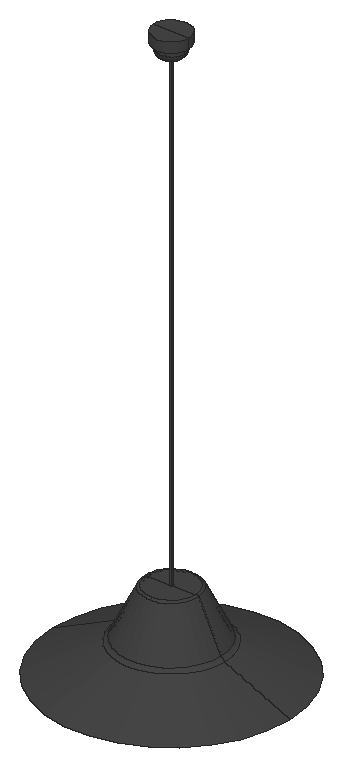
Revit family "OSAC-24,36 MB", category Lighting Fixtures, Revit 2020
Family settings
  Round Connector Dimension = Use Diameter
  Part Type = Normal
  OmniClass Number = 23.80.70.00
  OmniClass Title = Lighting
  Work Plane-Based = No
  Always vertical = Yes
  Cut with Voids When Loaded = No
  Light Source = Yes
  Shared = No
  Room Calculation Point = No
Parameters (values of type "OSAC36")
  Weight = "12.0 lbs"
  Wattage Comments = "200W Max"
  Wattage = 2.4 W
  Warranty = "5 year limited warranty"  # constant formula
  built-in parameter 1150110 = 1 (stored number, unit not read)
  Voltage = 277 V
  URL = "https://www.anplighting.com/assets/Uploads/product-attachments/specification-sheets/ANP-Specification-Sheet-RLM-MB-OSAC36.pdf"
  built-in parameter 1114217 = 1 (stored number, unit not read)
  Tilt Angle = 90.00°
  built-in parameter 1150109 = 1 (stored number, unit not read)
  built-in parameter 1150134 = 12
  built-in parameter 1150113 = 1 (stored number, unit not read)
  OSAC36 = yes
  OSAC24 = no
  Mounting Option [instance] = 1
  Power Factor = 1
  Post Mount [instance] = Mounting Option = 5  # no
  Placement X axis side [instance] = if(Post Mount, 2' 2 15/32", if(Cord or Stem Mount, 0' 0", if(E36 20 inch, 1' 8 1/4", if(E 6 26 inch, 2' 2", if(E7 41 inch, 3' 5 1/4", 0' 1")))))  # 0' - 0"
  Photometric Web File = "generic.ies"
  Model = "OSAC36"
  Manufacturer = "ANP Lighting"  # constant formula
  built-in parameter 1150105 = 238.73 (stored number, unit not read)
  Lumens = 3000 lm
  built-in parameter 1150115 = 1 (stored number, unit not read)
  Load Classification = Lighting
  Light Source Height [instance] = 0' - 7 39/64"
  built-in parameter 1150137 = (empty or 0)
  built-in parameter 1150139 = (empty or 0)
  Light Elevation _2 [instance] = if(Post Mount, 0' 0.66142", if(E7 41 inch, 0' 0.66142", if(E36 20 inch, 0' 1.65748", if(E 6 26 inch, 0' 1.53543", if(Cord or Stem Mount, (0' 4.3622" + Cord Length), 0' 0")))))  # 6' - 4.3622"
  Light Elevation _1 [instance] = if(Post Mount, 0' 0", if(E7 41 inch, 0' 0", if(E36 20 inch, 0' 1", if(E 6 26 inch, 0' 0.87402", if(Cord or Stem Mount, (0' 3.66142" + Cord Length), 0' 0")))))  # 6' - 3.66142"
  Light Elevation [instance] = if(Post Mount, 14' 0.5315", if(E7 41 inch, 0' 0", 0' 0"))  # 0' - 0"
  Life = "L70 50,000 hours"  # constant formula
  built-in parameter 1150112 = 1 (stored number, unit not read)
  built-in parameter 1150114 = 1 (stored number, unit not read)
  Lamp = "MB"
  built-in parameter 1150132 = 2
  built-in parameter 1150102 = (empty or 0)
  built-in parameter 1150107 = 4000 (stored number, unit not read)
  built-in parameter 1150138 = (empty or 0)
  built-in parameter 1150106 = 2.3873 (stored number, unit not read)
  INSIDE BODY = INSIDE BODY
  Fixture Height = 1' - 0"
  Fixture Diameter = 3' - 0"
  Efficiency = "65-125 lumens per watt"  # constant formula
  built-in parameter 1150104 = 116.13 (stored number, unit not read)
  E7 41 inch [instance] = Mounting Option = 4  # no
  E36 20 inch [instance] = Mounting Option = 3  # no
  E 6 26 inch [instance] = Mounting Option = 2  # no
  Dimming Lamp Color Temperature Shift = <None>
  Dimming = "1%"  # constant formula
  Description = "120-277 Voltage"  # constant formula
  Default Elevation = 0' - 0"
  Cord or Stem Mount [instance] = Mounting Option = 1  # yes
  Cord Length option [instance] = 0
  Cord Length [instance] = if([2' Cord], 2' 0", if([4' Cord], 4' 0", if([8' Cord], 8' 0", if([10' Cord], 10' 0", if([6' Cord], 6' 0", 6' 0")))))  # 6' - 0"
  Construction Material = "Heavy Duty spun aluminum."  # constant formula
  Color Filter = 16777215
  CRI = ">90"  # constant formula
  Bulb = Bulb
  Body Material = body
  Body Colour = "Spun aluminium"  # constant formula
  built-in parameter 1114218 = 1 (stored number, unit not read)
  built-in parameter 1150133 = 10 (stored number, unit not read)
  Apparent Load = 200 VA
  8' Cord [instance] = Cord Length option = 8  # no
  6' Cord [instance] = Cord Length option = 6  # no
  4' Cord [instance] = Cord Length option = 4  # no
  2' Cord [instance] = Cord Length option = 2  # no
  10' Cord [instance] = Cord Length option = 10  # no
Types (3): name | Weight | Wattage | URL | OSAC36 | OSAC24 | Model | built-in parameter 1150105 | Lumens | Light Source Height | built-in parameter 1150106 | Fixture Height | Fixture Diameter
  (no name) | "12.0 lbs" | 2.4 W | "https://www.anplighting.com/assets/Uploads/product-attachments/specification-sheets/ANP-Specification-Sheet-RLM-MB-OSAC36.pdf" | yes | no | "OSAC36" | 238.73 (stored number, unit not read) | 3000 lm | 0' - 7 39/64" | 2.3873 (stored number, unit not read) | 1' - 0" | 3' - 0"
  OSAC24 | "6.5 lbs" | 1.6 W | "https://www.anplighting.com/assets/Uploads/product-attachments/specification-sheets/ANP-Specification-Sheet-RLM-MB-OSAC24.pdf" | no | yes | "OSAC24" | 2000 (stored number, unit not read) | 2000 lm | 0' - 5 45/64" | 20 (stored number, unit not read) | 0' - 8" | 2' - 0"
  OSAC36 | "12.0 lbs" | 2.4 W | "https://www.anplighting.com/assets/Uploads/product-attachments/specification-sheets/ANP-Specification-Sheet-RLM-MB-OSAC36.pdf" | yes | no | "OSAC36" | 238.73 (stored number, unit not read) | 3000 lm | 0' - 7 39/64" | 2.3873 (stored number, unit not read) | 1' - 0" | 3' - 0"
Reference planes (in)
  plane 1 "Light Source Axis (F/B)": y = 0
  plane 2: z = 0
  plane 3 "Light Source Axis (L/R)": x = 0
  plane 4 "Light Source Elevation": z = 0
  plane 5: z = 0
  plane 6: x = 0
  plane 7 "Bulb Position": z = -76.3622
  plane 8 "Canopy Position": z = -75.66142
  plane 9 "IES": z = -83.97158
Dimensions and locks (in)
  "Light Elevation": plane 5 to plane 2
  "Placement X axis side": plane 6 to plane 3 "Light Source Axis (L/R)"
  "Light Elevation _2": plane 5 to plane 7 "Bulb Position"
  "Light Elevation _1": plane 5 to plane 8 "Canopy Position"
  "Light Source Height": plane 7 "Bulb Position" to plane 9 "IES"
  locked: plane 4 "Light Source Elevation" to plane 2
  aligned and locked: level to plane 2
  aligned and locked: plane 1 "Light Source Axis (F/B)" to nested 5
  aligned and locked: nested 5 to plane 2
  aligned and locked: nested 1 to plane 3 "Light Source Axis (L/R)"
  aligned and locked: plane 3 "Light Source Axis (L/R)" to nested 2
  aligned and locked: plane 3 "Light Source Axis (L/R)" to nested 4
  aligned and locked: nested 3 to plane 5
  aligned and locked: plane 3 "Light Source Axis (L/R)" to nested 3
  aligned and locked: plane 3 "Light Source Axis (L/R)" to nested 5
  aligned and locked: plane 1 "Light Source Axis (F/B)" to nested 2
  aligned and locked: plane 1 "Light Source Axis (F/B)" to nested 1
  aligned and locked: plane 1 "Light Source Axis (F/B)" to nested 4
  aligned and locked: plane 1 "Light Source Axis (F/B)" to nested 3
  aligned and locked: plane 2 to nested 1
  aligned and locked: plane 2 to nested 2
  aligned and locked: nested 4 to plane 2
  aligned and locked: imposter light to plane 9 "IES"
  aligned and locked: imposter light to plane 6
  aligned and locked: nested 6 to plane 8 "Canopy Position"
  aligned and locked: nested 7 to plane 8 "Canopy Position"
  aligned and locked: nested 6 to plane 6
  aligned and locked: nested 7 to plane 6
Nested families (in)
  nested 1: "CORD OR STEM MOUNT" at (0, 0, -75.67), visible <- "Cord or Stem Mount", Cord or Stem Mount <- "Cord or Stem Mount", Body Material <- "Body Material", Light Elevation <- "Light Elevation", Cord Length <- "Cord Length", 10' Cord <- "10' Cord", 2' Cord <- "2' Cord", 4' Cord <- "4' Cord", 6' Cord <- "6' Cord", 8' Cord <- "8' Cord", type "CORD OR STEM MOUNT"
    with Light Elevation 0' - 0", Cord or Stem Mount yes, Cord Length 6' - 0", Body Material body, 8' Cord no, 6' Cord no, 4' Cord no, 2' Cord no, 10' Cord no
  nested 2: "E6 26 INCH" at (0, 0, 0), visible <- "E 6 26 inch", Chain Length <- "Cord Length", E 6 26 inch <- "E 6 26 inch", Placement X axis side <- "Placement X axis side", Body Material <- "Body Material", Light Elevation <- "Light Elevation", type "E6 26 INCH"
    with Placement X axis side 0' - 0", Light Elevation 0' - 0", E 6 26 inch no, Chain Length 6' - 0", Body Material body
  nested 3: "E7 41 INCH" at (0, 0, 0), Chain Length <- "Cord Length", visible <- "E7 41 inch", E7 41 inch <- "E7 41 inch", Placement X axis side <- "Placement X axis side", Body Material <- "Body Material", Light Elevation <- "Light Elevation", type "E7 41 INCH"
    with Placement X axis side 0' - 0", Light Elevation 0' - 0", E7 41 inch no, Chain Length 6' - 0", Body Material body
  nested 4: "E36 20 INCH" at (0, 0, 0), visible <- "E36 20 inch", E36 20 inch <- "E36 20 inch", Placement X axis side <- "Placement X axis side", Chain Length <- "Cord Length", Body Material <- "Body Material", Light Elevation <- "Light Elevation", type "E36 20 INCH"
    with Placement X axis side 0' - 0", Light Elevation 0' - 0", E36 20 inch no, Chain Length 6' - 0", Body Material body
  nested 5: "POST MOUNT" at (0, 0, 0), visible <- "Post Mount", Post Mount <- "Post Mount", Placement X axis side <- "Placement X axis side", Chain Length <- "Cord Length", Body Material <- "Body Material", Light Elevation <- "Light Elevation", type "POST MOUNT"
    with Post Mount no, Placement X axis side 0' - 0", Light Elevation 0' - 0", Chain Length 6' - 0", Body Material body
  nested 6: "OSAC24" at (0, 0, -75.66142), Light Elevation <- "Light Elevation", Body <- "Body Material", OSAC24 <- "OSAC24", visible <- "OSAC24", Bulb <- "Bulb", INSIDE BODY <- "INSIDE BODY", type "OSAC24"
    with OSAC24 no, Light Elevation 0' - 0", INSIDE BODY INSIDE BODY, Bulb Bulb, Body body
  nested 7: "OSAC36" at (0, 0, -75.66142), Light Elevation <- "Light Elevation", OSAC36 <- "OSAC36", visible <- "OSAC36", Bulb <- "Bulb", INSIDE BODY <- "INSIDE BODY", type "OSAC36"
    with OSAC36 yes, Light Elevation 0' - 0", INSIDE BODY INSIDE BODY, Bulb Bulb
Definition of nested family "CORD OR STEM MOUNT"
  Parameters (values of type "CORD OR STEM MOUNT")
    URL = ""
    Model = ""
    Manufacturer = ""
    Light Elevation [instance] = 1' - 7.69"
    Default Elevation = 0' - 0"
    Cord or Stem Mount [instance] = yes
    Cord Length [instance] = 6' - 0"
    Body Material [instance] = none
    8' Cord [instance] = no
    6' Cord [instance] = no
    4' Cord [instance] = no
    2' Cord [instance] = no
    10' Cord [instance] = no
  Reference planes (in)
    plane 1 "Light Source Axis (F/B)": y = 0
    plane 2: z = 0
    plane 3 "Light Source Axis (L/R)": x = 0
    plane 4 "Light Source Elevation": z = 23.125
    plane 5: z = 91.69
    plane 6: z = 19.69
  Forms (in)
    Extrusion 1, void, not visible
      sketch origin (0, 0, 2.38154) x (1, 0, 0) y (0, 0, 1)
        loop
          circle (0, 4.59925) r 0.16583
      from 1.18594 to 1.75
    Extrusion 2, void, not visible
      sketch origin (0, 0, 2.38154) x (0.707107, -0.707107, 0) y (0, 0, 1)
        loop
          circle (0, 4.59925) r 0.16583
      from 1.18594 to 1.75
    Extrusion 3, void, not visible
      sketch origin (0, 0, 2.38154) x (0.707107, 0.707107, 0) y (0, 0, 1)
        loop
          circle (0, 4.59925) r 0.16583
      from 1.18594 to 1.75
    Extrusion 4, void, not visible
      sketch origin (0, 0, 2.38154) x (0, 1, 0) y (0, 0, 1)
        loop
          circle (0, 4.59925) r 0.16583
      from 1.18594 to 1.75
    Extrusion 5, void, not visible
      sketch origin (0, 0, 2.38154) x (-0.707107, 0.707107, 0) y (0, 0, 1)
        loop
          circle (0, 4.59925) r 0.16583
      from 1.18594 to 1.75
    Extrusion 6, void, not visible
      sketch origin (0, 0, 2.38154) x (-1, 0, 0) y (0, 0, 1)
        loop
          circle (0, 4.59925) r 0.20678
      from 1.18594 to 1.75
    Extrusion 7, void, not visible
      sketch origin (0, 0, 2.38154) x (-0.707107, -0.707107, 0) y (0, 0, 1)
        loop
          circle (0, 4.59925) r 0.16583
      from 1.18594 to 1.75
    Extrusion 8, void, not visible
      sketch origin (0, 0, 2.38154) x (0, -1, 0) y (0, 0, 1)
        loop
          circle (0, 4.59925) r 0.16583
      from 1.18594 to 1.75
    Revolve 9, solid, material <- "Body Material", visible <- "Cord or Stem Mount"
      sketch origin (0, 0, 174.56698) x (1, 0, 0) y (0, 0, 1)
        loop
          line (2.6875, -79.20698) -> (0, -79.20698) -> (0, -82.87698) -> (0.125, -82.87698) -> (0.125, -82.83698) -> (0.75, -82.83698)
          arc (0.75, -82.83698) -> (0.81694, -82.77004) -> (0.75, -82.7031) r 0.06694
          line (0.75, -82.7031) -> (0.89763, -82.7031) -> (1.00223, -82.5985) -> (1.06587, -82.5985)
          arc (1.06587, -82.5985) -> (1.80099, -82.29401) -> (2.10549, -81.55888) r 1.03962
          line (2.10549, -81.55888) -> (2.10549, -81.03899)
          arc (2.10549, -81.03899) -> (2.12951, -80.981) -> (2.1875, -80.95698) r 0.08201
          line (2.1875, -80.95698) -> (2.1875, -80.70698) -> (2.6875, -80.70698) -> (2.6875, -79.20698)
        axis (0, -79.20698) -> (0, -82.87698)
      angle from 0 to 360
    Revolve 10, solid, material <- "Body Material", visible <- "Cord or Stem Mount"
      sketch origin (0, 0, 0) x (1, 0, 0) y (0, 0, 1)
        loop
          line (0, 91.69) -> (-0.125, 91.69) -> (-0.125, 19.69) -> (0, 19.69) -> (0, 91.69)
        axis (0, 19.69) -> (0, 91.69)
      angle from 0 to 360
  Dimensions and locks (in)
    "Light Elevation": plane 6 to plane 2
    "Cord Length": plane 5 to plane 6
    locked: Revolve 10 sketch curve to Revolve 10 sketch curve at 0.125
    aligned and locked: level to plane 2
    aligned and locked: Revolve 10 sketch curve to plane 3 "Light Source Axis (L/R)"
    aligned and locked: Revolve 10 sketch curve to plane 6
    aligned and locked: Revolve 10 sketch curve to plane 5
    aligned and locked: plane 3 "Light Source Axis (L/R)" to Revolve 10 sketch curve
  Automatic sketch dimensions
    Revolve 9 sketch curve to plane 3 "Light Source Axis (L/R)" = 0' - 0"  (x2)
    Revolve 9 sketch curve to plane 5 = 0' - 0"
    plane 3 "Light Source Axis (L/R)" to Revolve 9 sketch curve = 0' - 0 1/8"
    Revolve 9 sketch curve to plane 5 = 0' - 0.17388"
    Revolve 9 sketch curve to Revolve 9 sketch curve = 0' - 0 5/8"
    Revolve 9 sketch curve to Revolve 9 sketch curve = 0' - 0.14763"
    Revolve 9 sketch curve to plane 5 = 0' - 0.27847"
    Revolve 9 sketch curve to Revolve 9 sketch curve = 0' - 0.1046"
    Revolve 9 sketch curve to Revolve 9 sketch curve = 0' - 0.06364"
    Revolve 9 sketch curve to Revolve 9 sketch curve = 0' - 1.03962"
    Revolve 9 sketch curve to Revolve 9 sketch curve = 0' - 0 21/256"
    Revolve 9 sketch curve to Revolve 9 sketch curve = 0' - 0 1/2"  (x2)
    Revolve 9 sketch curve to Revolve 9 sketch curve = 0' - 0.51989"
    Revolve 9 sketch curve to Revolve 9 sketch curve = 0' - 0 1/4"
    Revolve 9 sketch curve to Revolve 9 sketch curve = 0' - 2.3519"
    Revolve 9 sketch curve to Revolve 9 sketch curve = 0' - 1 1/4"
    Revolve 9 sketch curve to Revolve 9 sketch curve = 0' - 0.04"
    Revolve 10 sketch curve to Revolve 10 sketch curve = 0' - 0 1/2"
    Revolve 10 sketch curve to Revolve 10 sketch curve = 0' - 0.42345"
Definition of nested family "OSAC36"
  Parameters (values of type "OSAC36")
    OSAC36 [instance] = yes
    Light Elevation [instance] = 0' - 0"
    INSIDE BODY [instance] = none
    Default Elevation = 0' - 0"
    Bulb [instance] = none
    Body = none
  Reference planes (in)
    plane 1 "Center (Front/Back)": y = 0
    plane 2: z = 0
    plane 3 "Center (Left/Right)": x = 0
    plane 4: z = 0
  Dimensions and locks (in)
    "Light Elevation": plane 4 to level
    aligned and locked: plane 2 to level
    aligned and locked: plane 3 "Center (Left/Right)" to nested 1
    aligned and locked: plane 1 "Center (Front/Back)" to nested 1
    aligned and locked: plane 4 to nested 1
  Nested families (in)
    nested 1: "Family9" at (0, 0, -12.09864), Body <- "Body", visible <- "OSAC36", OSAC36 <- "OSAC36", INSIDE BODY <- "INSIDE BODY", Bulb <- "Bulb", type "Family9"
      with OSAC36 yes, Body none
  Definition of nested family "Family9"
    Parameters (values of type "Family9")
      OSAC36 [instance] = yes
      INSIDE BODY [instance] = none
      Default Elevation = 0' - 0"
      Bulb [instance] = none
      Body [instance] = none
    Reference planes (in)
      plane 1 "Center (Front/Back)": y = 0
      plane 2: z = 0
      plane 3 "Center (Left/Right)": x = 0
    Forms (in)
      Revolve 1, solid, material <- "Body", visible <- "OSAC36"
        sketch origin (0, 0, 0) x (1, 0, 0) y (0, 0, 1)
          loop
            line (0.2888, 12.09864) -> (0.2888, 11.87179) -> (3.77926, 11.87179)
            arc (3.77926, 11.87179) -> (3.85828, 11.8495) -> (3.91401, 11.78922) r 0.15123
            line (3.91401, 11.78922) -> (7.38332, 4.98032)
            arc (7.38332, 4.98032) -> (7.69065, 4.58197) -> (8.1217, 4.32248) r 1.3611
            arc (8.1217, 4.32248) -> (12.90825, 2.3367) -> (17.53363, 0) r 69.54225
            line (17.53363, 0) -> (18, 0)
            arc (18, 0) -> (13.18824, 2.45741) -> (8.20076, 4.53511) r 69.76909
            arc (8.20076, 4.53511) -> (7.84155, 4.75135) -> (7.58544, 5.0833) r 1.13425
            line (7.58544, 5.0833) -> (4.11613, 11.8922)
            arc (4.11613, 11.8922) -> (3.97681, 12.04293) -> (3.77926, 12.09864) r 0.37808
            line (3.77926, 12.09864) -> (0.2888, 12.09864)
          axis (0, 0) -> (0, 12.09864)
        angle from 0 to 360
      Revolve 2, solid, material <- "Body", visible <- "OSAC36"
        sketch origin (0.46637, 0, 0) x (1, 0, 0) y (0, 0, 1)
          loop
            line (-0.46637, 8.09864) -> (-0.46637, 7.87179) -> (5.19705, 7.87179) -> (5.19705, 8.09864) -> (-0.46637, 8.09864)
          axis (-0.46637, 7.87179) -> (-0.46637, 8.09864)
        angle from 0 to 360
      Revolve 3, solid, material <- "INSIDE BODY", visible <- "OSAC36"
        sketch origin (0.46637, 0, 0) x (1, 0, 0) y (0, 0, 1)
          loop
            line (3.41249, 11.73989) -> (3.13276, 11.78922) -> (6.60207, 4.98032)
            arc (6.60207, 4.98032) -> (6.8402, 4.62015) -> (7.15295, 4.32248) r 1.91536
            arc (7.15295, 4.32248) -> (11.9395, 2.3367) -> (16.56488, 0) r 69.54225
            line (16.56488, 0) -> (16.94749, 0)
            arc (16.94749, 0) -> (12.17593, 2.43068) -> (7.23201, 4.48823) r 69.76909
            arc (7.23201, 4.48823) -> (6.99543, 4.76947) -> (6.80419, 5.0833) r 2.41885
            line (6.80419, 5.0833) -> (3.41249, 11.73989)
          axis (-0.46637, 0) -> (-0.46637, 11.78922)
        angle from 0 to 360
      Revolve 4, solid, material <- "Bulb", visible <- "OSAC36"
        sketch origin (0, 0, 0) x (1, 0, 0) y (0, 0, 1)
          loop
            line (0, 6) -> (0.5, 6) -> (0.5, 7) -> (0.25, 7) -> (0.25, 7.87179) -> (0, 7.87179) -> (0, 6)
          axis (0, 7.87179) -> (0, 6)
        angle from 0 to 360
    Dimensions and locks (in)
      locked: Revolve 4 to plane 2 at 6
      aligned and locked: plane 2 to level
Definition of nested family "E6 26 INCH"
  Parameters (values of type "E6 26 INCH")
    URL = ""
    Placement X axis side [instance] = 2' - 2"
    Model = ""
    Manufacturer = ""
    Light Elevation [instance] = 8' - 4"
    E 6 26 inch [instance] = yes
    Default Elevation = 0' - 0"
    Chain Length [instance] = 0' - 0"
    Body Material [instance] = none
  Reference planes (in)
    plane 1 "Light Source Axis (F/B)": y = 0
    plane 2: z = 0
    plane 3 "Light Source Axis (L/R)": x = 0
    plane 4 "Light Source Elevation": z = 23.125
    plane 5: z = 100
    plane 6: x = -26
    plane 7: z = 99.125
    plane 8: x = -24.12
    plane 9: x = -25.5474
  Forms (in)
    Extrusion 1, void, not visible
      sketch origin (0, 0, 2.38154) x (1, 0, 0) y (0, 0, 1)
        loop
          circle (0, 4.59925) r 0.16583
      from 1.18594 to 1.75
    Extrusion 2, void, not visible
      sketch origin (0, 0, 2.38154) x (0.707107, -0.707107, 0) y (0, 0, 1)
        loop
          circle (0, 4.59925) r 0.16583
      from 1.18594 to 1.75
    Extrusion 3, void, not visible
      sketch origin (0, 0, 2.38154) x (0.707107, 0.707107, 0) y (0, 0, 1)
        loop
          circle (0, 4.59925) r 0.16583
      from 1.18594 to 1.75
    Extrusion 4, void, not visible
      sketch origin (0, 0, 2.38154) x (0, 1, 0) y (0, 0, 1)
        loop
          circle (0, 4.59925) r 0.16583
      from 1.18594 to 1.75
    Extrusion 5, void, not visible
      sketch origin (0, 0, 2.38154) x (-0.707107, 0.707107, 0) y (0, 0, 1)
        loop
          circle (0, 4.59925) r 0.16583
      from 1.18594 to 1.75
    Extrusion 6, void, not visible
      sketch origin (0, 0, 2.38154) x (-1, 0, 0) y (0, 0, 1)
        loop
          circle (0, 4.59925) r 0.20678
      from 1.18594 to 1.75
    Extrusion 7, void, not visible
      sketch origin (0, 0, 2.38154) x (-0.707107, -0.707107, 0) y (0, 0, 1)
        loop
          circle (0, 4.59925) r 0.16583
      from 1.18594 to 1.75
    Extrusion 8, void, not visible
      sketch origin (0, 0, 2.38154) x (0, -1, 0) y (0, 0, 1)
        loop
          circle (0, 4.59925) r 0.16583
      from 1.18594 to 1.75
    Sweep 9, solid, material <- "Body Material", visible <- "E 6 26 inch"
      path origin (-41.25, 0, 168.51693) x (1, 0, 0) y (0, 0, 1)
        loop
          line (17.13, -68.51693) -> (27.68551, -68.51693)
          arc (27.68551, -68.51693) -> (28.47996, -68.34486) -> (29.13202, -67.8595) r 1.92004
          line (29.13202, -67.8595) -> (34.23651, -62.01155)
          arc (34.23651, -62.01155) -> (38.65464, -60.89667) -> (41.25, -64.64193) r 4
          line (41.25, -64.64193) -> (41.25, -69.39193)
      profile origin (-18.84224, 0, 100) x (0, 0, 1) y (0, -1, 0)
        loop
          circle (0, 0) r 0.5
    Revolve 10, solid, material <- "Body Material", visible <- "E 6 26 inch"
      sketch origin (-26, 0, 168.51693) x (1, 0, 0) y (0, 0, 1)
        loop
          line (0, -66.07943) -> (0, -68.51693) -> (1.88, -68.51693) -> (1.88, -67.69272) -> (0.4526, -67.69272) -> (0.4526, -66.54122) -> (0.33125, -66.54122) -> (0.33125, -66.07943) -> (0, -66.07943)
        axis (0, -68.51693) -> (1.88, -68.51693)
      angle from 0 to 360
    Extrusion 11, solid, material <- "Body Material", visible <- "E 6 26 inch"
      sketch origin (-26, 0, 168.51693) x (0, -1, 0) y (0, 0, -1)
        loop
          line (0.25, 68.51693) -> (0.25, 69.51693) -> (-0.25, 69.51693) -> (-0.25, 68.51693) -> (0.25, 68.51693)
      from 0.4526 to 1.88
  Cuts and joins
    joined: Revolve 10, Extrusion 11
  Dimensions and locks (in)
    "Light Elevation": plane 5 to plane 2
    "Placement X axis side": plane 3 "Light Source Axis (L/R)" to plane 6
    locked: plane 5 to plane 7 at 0.875
    Revolve 10 sketch curve to Revolve 10 sketch curve to Revolve 10 sketch curve to plane 6 = 0' - 1.4274" locked, 0' - 0.12135" locked, 0' - 0.33125" locked
    Revolve 10 sketch curve to Revolve 10 sketch curve to Revolve 10 sketch curve to plane 5 = 0' - 0.46179" locked, 0' - 1.1515" locked, 0' - 0 211/256" locked
    locked: Sweep 9 sketch curve to plane 6 at 1.88
    locked: Sweep 9 sketch curve to Sweep 9 sketch curve at 10.55551
    locked: Sweep 9 sketch curve to Sweep 9 sketch curve at 13.56449
    locked: Sweep 9 sketch curve to Sweep 9 sketch curve at 4.75
    locked: plane 9 to plane 6 at 0.4526
    locked: plane 8 to plane 9 at 1.4274
    aligned and locked: level to plane 2
    aligned and locked: Revolve 10 sketch curve to plane 6
    aligned and locked: plane 5 to Revolve 10 sketch curve
    aligned and locked: Revolve 10 sketch curve to plane 5
    aligned and locked: cut or joined group of Revolve 10, Extrusion 11 to plane 9
    aligned and locked: plane 8 to cut or joined group of Revolve 10, Extrusion 11
  Automatic sketch dimensions
    Sweep 9 sketch curve to plane 5 = 0' - 0"
    Sweep 9 sketch curve to Sweep 9 sketch curve = 0' - 4"
    Sweep 9 sketch curve to Sweep 9 sketch curve = 0' - 3.01349"
    plane 5 to Sweep 9 sketch curve = 0' - 0.65743"
    Sweep 9 sketch curve to Sweep 9 sketch curve = 0' - 1.4465"
    Sweep 9 sketch curve to plane 5 = 0' - 0 7/8"
    profile plane to Sweep 9 sketch curve = 0' - 0"
    Sweep 9 sketch curve to profile plane = 0' - 0"
    plane 6 to Revolve 10 sketch curve = 0' - 0.62562"
    Revolve 10 sketch curve to Revolve 10 sketch curve = 0' - 0 1/2"
    Extrusion 11 sketch curve to plane 5 = 0' - 0"
    plane 1 "Light Source Axis (F/B)" to Extrusion 11 sketch curve = 0' - 0 1/4"
    Extrusion 11 sketch curve to plane 1 "Light Source Axis (F/B)" = 0' - 0 1/4"
    plane 5 to Extrusion 11 sketch curve = 0' - 1"
    radius of Sweep 9 sketch curve = 0' - 0 1/2"
Definition of nested family "E7 41 INCH"
  Parameters (values of type "E7 41 INCH")
    URL = ""
    Placement X axis side [instance] = 4' - 2"
    Model = ""
    Manufacturer = ""
    Light Elevation [instance] = 8' - 4"
    E7 41 inch [instance] = yes
    Default Elevation = 0' - 0"
    Chain Length [instance] = 0' - 0"
    Body Material [instance] = none
  Reference planes (in)
    plane 1 "Light Source Axis (F/B)": y = 0
    plane 2: z = 0
    plane 3 "Light Source Axis (L/R)": x = 0
    plane 4 "Light Source Elevation": z = 23.125
    plane 5: z = 100
    plane 6: x = -50
  Forms (in)
    Extrusion 1, void, not visible
      sketch origin (0, 0, 2.38154) x (1, 0, 0) y (0, 0, 1)
        loop
          circle (0, 4.59925) r 0.16583
      from 1.18594 to 1.75
    Extrusion 2, void, not visible
      sketch origin (0, 0, 2.38154) x (0.707107, -0.707107, 0) y (0, 0, 1)
        loop
          circle (0, 4.59925) r 0.16583
      from 1.18594 to 1.75
    Extrusion 3, void, not visible
      sketch origin (0, 0, 2.38154) x (0.707107, 0.707107, 0) y (0, 0, 1)
        loop
          circle (0, 4.59925) r 0.16583
      from 1.18594 to 1.75
    Extrusion 4, void, not visible
      sketch origin (0, 0, 2.38154) x (0, 1, 0) y (0, 0, 1)
        loop
          circle (0, 4.59925) r 0.16583
      from 1.18594 to 1.75
    Extrusion 5, void, not visible
      sketch origin (0, 0, 2.38154) x (-0.707107, 0.707107, 0) y (0, 0, 1)
        loop
          circle (0, 4.59925) r 0.16583
      from 1.18594 to 1.75
    Extrusion 6, void, not visible
      sketch origin (0, 0, 2.38154) x (-1, 0, 0) y (0, 0, 1)
        loop
          circle (0, 4.59925) r 0.20678
      from 1.18594 to 1.75
    Extrusion 7, void, not visible
      sketch origin (0, 0, 2.38154) x (-0.707107, -0.707107, 0) y (0, 0, 1)
        loop
          circle (0, 4.59925) r 0.16583
      from 1.18594 to 1.75
    Extrusion 8, void, not visible
      sketch origin (0, 0, 2.38154) x (0, -1, 0) y (0, 0, 1)
        loop
          circle (0, 4.59925) r 0.16583
      from 1.18594 to 1.75
    Revolve 9, solid, material <- "Body Material", visible <- "E7 41 inch"
      sketch origin (-41.25, 0, 168.39193) x (1, 0, 0) y (0, 0, 1)
        loop
          line (-8.75, -66.20443) -> (-8.75, -68.51693) -> (-6.87, -68.51693) -> (-6.87, -67.69272) -> (-8.2974, -67.69272) -> (-8.2974, -66.54122) -> (-8.41875, -66.54122) -> (-8.41875, -66.20443) -> (-8.75, -66.20443)
        axis (-8.75, -68.51693) -> (-6.87, -68.51693)
      angle from 0 to 360
    Extrusion 10, solid, material <- "Body Material", visible <- "E7 41 inch"
      sketch origin (-41.25, 0, 168.39193) x (0, -1, 0) y (0, 0, -1)
        loop
          line (0.25, 68.51693) -> (0.25, 69.51693) -> (-0.25, 69.51693) -> (-0.25, 68.51693) -> (0.25, 68.51693)
      from -8.2974 to -6.87
    Sweep 11, solid, material <- "Body Material", visible <- "E7 41 inch"
      path origin (-41.25, 0, 168.39193) x (1, 0, 0) y (0, 0, 1)
        loop
          line (-6.87, -68.51693) -> (16.04011, -68.51693)
          arc (16.04011, -68.51693) -> (17.864, -68.13651) -> (19.38375, -67.0587) r 4.5625
          line (19.38375, -67.0587) -> (24.70217, -61.33018)
          arc (24.70217, -61.33018) -> (29.64465, -60.20324) -> (32.5, -64.39193) r 4.5
          line (32.5, -64.39193) -> (32.5, -68.39193)
      profile origin (-36.66494, 0, 99.875) x (0, 0, 1) y (0, -1, 0)
        loop
          circle (0, 0) r 0.5
  Dimensions and locks (in)
    "Placement X axis side": plane 3 "Light Source Axis (L/R)" to plane 6
    "Light Elevation": plane 5 to plane 2
    locked: Revolve 9 sketch curve to Revolve 9 sketch curve at 0.33125
    locked: Revolve 9 sketch curve to Revolve 9 sketch curve at 0.4526
    locked: Revolve 9 sketch curve to Revolve 9 sketch curve at 1.88
    locked: Revolve 9 sketch curve to Revolve 9 sketch curve at 0.82421
    locked: Revolve 9 sketch curve to Revolve 9 sketch curve at 1.1515
    locked: Revolve 9 sketch curve to Revolve 9 sketch curve at 0.33679
    locked: plane 5 to Revolve 9 sketch curve at 0.125
    locked: Extrusion 10 sketch curve to Extrusion 10 sketch curve at 0.5
    locked: Extrusion 10 sketch curve to Extrusion 10 sketch curve at 1
    locked: plane 5 to Extrusion 10 sketch curve at 0.125
    locked: plane 5 to Sweep 11 sketch curve at 0.125
    locked: Sweep 11 sketch curve to Sweep 11 sketch curve at 39.37
    locked: Sweep 11 sketch curve to Sweep 11 sketch curve at 4
    locked: plane 6 to Extrusion 10 at 0.4526
    locked: Sweep 11 sketch curve to plane 6 at 1.88
    locked: Extrusion 10 to Extrusion 10 at 1.4274
    aligned and locked: plane 2 to level
    aligned and locked: Revolve 9 sketch curve to plane 6
  Automatic sketch dimensions
    Revolve 9 sketch curve to plane 5 = 0' - 0 1/8"
    plane 6 to Revolve 9 sketch curve = 0' - 0.62562"
    Revolve 9 sketch curve to Revolve 9 sketch curve = 0' - 0 1/2"
    plane 1 "Light Source Axis (F/B)" to Extrusion 10 sketch curve = 0' - 0 1/4"
    Sweep 11 sketch curve to plane 5 = 0' - 0"
    Sweep 11 sketch curve to Sweep 11 sketch curve = 0' - 4 1/2"
    Sweep 11 sketch curve to Sweep 11 sketch curve = 0' - 3.29783"
    plane 5 to Sweep 11 sketch curve = 0' - 1.33323"
    Sweep 11 sketch curve to Sweep 11 sketch curve = 0' - 5.31842"
    Sweep 11 sketch curve to Sweep 11 sketch curve = 0' - 3.34364"
    profile plane to Sweep 11 sketch curve = 0' - 0"
    Sweep 11 sketch curve to profile plane = 0' - 0"
    radius of Sweep 11 sketch curve = 0' - 0 1/2"
Definition of nested family "E36 20 INCH"
  Parameters (values of type "E36 20 INCH")
    URL = ""
    Placement X axis side [instance] = 1' - 8 1/4"
    Model = ""
    Manufacturer = ""
    Light Elevation [instance] = 8' - 4"
    E36 20 inch [instance] = yes
    Default Elevation = 0' - 0"
    Chain Length [instance] = 0' - 0"
    Body Material [instance] = none
  Reference planes (in)
    plane 1 "Light Source Axis (F/B)": y = 0
    plane 2: z = 0
    plane 3 "Light Source Axis (L/R)": x = 0
    plane 4 "Light Source Elevation": z = 23.125
    plane 5: z = 99
    plane 6: x = -20.25
    plane 7: z = 100
    plane 8: x = -18.37008
    plane 9: x = -19.79724
  Forms (in)
    Extrusion 1, void, not visible
      sketch origin (0, 0, 2.38154) x (1, 0, 0) y (0, 0, 1)
        loop
          circle (0, 4.59925) r 0.16583
      from 1.18594 to 1.75
    Extrusion 2, void, not visible
      sketch origin (0, 0, 2.38154) x (0.707107, -0.707107, 0) y (0, 0, 1)
        loop
          circle (0, 4.59925) r 0.16583
      from 1.18594 to 1.75
    Extrusion 3, void, not visible
      sketch origin (0, 0, 2.38154) x (0.707107, 0.707107, 0) y (0, 0, 1)
        loop
          circle (0, 4.59925) r 0.16583
      from 1.18594 to 1.75
    Extrusion 4, void, not visible
      sketch origin (0, 0, 2.38154) x (0, 1, 0) y (0, 0, 1)
        loop
          circle (0, 4.59925) r 0.16583
      from 1.18594 to 1.75
    Extrusion 5, void, not visible
      sketch origin (0, 0, 2.38154) x (-0.707107, 0.707107, 0) y (0, 0, 1)
        loop
          circle (0, 4.59925) r 0.16583
      from 1.18594 to 1.75
    Extrusion 6, void, not visible
      sketch origin (0, 0, 2.38154) x (-1, 0, 0) y (0, 0, 1)
        loop
          circle (0, 4.59925) r 0.20678
      from 1.18594 to 1.75
    Extrusion 7, void, not visible
      sketch origin (0, 0, 2.38154) x (-0.707107, -0.707107, 0) y (0, 0, 1)
        loop
          circle (0, 4.59925) r 0.16583
      from 1.18594 to 1.75
    Extrusion 8, void, not visible
      sketch origin (0, 0, 2.38154) x (0, -1, 0) y (0, 0, 1)
        loop
          circle (0, 4.59925) r 0.16583
      from 1.18594 to 1.75
    Sweep 9, solid, material <- "Body Material", visible <- "E36 20 inch"
      path origin (-41.25, 0, 169.51693) x (1, 0, 0) y (0, 0, 1)
        loop
          line (22.88, -69.51693) -> (28.93827, -69.51693)
          arc (28.93827, -69.51693) -> (29.97705, -69.28152) -> (30.81284, -68.62128) r 2.40953
          line (30.81284, -68.62128) -> (34.13807, -64.50378)
          arc (34.13807, -64.50378) -> (38.58272, -63.24548) -> (41.25, -67.01693) r 4
          line (41.25, -67.01693) -> (41.25, -70.51693)
      profile origin (-15.34086, 0, 100) x (0, 0, 1) y (0, -1, 0)
        loop
          circle (0, 0) r 0.5
    Revolve 10, solid, material <- "Body Material", visible <- "E36 20 inch"
      sketch origin (-20.25, 0, 169.51693) x (1, 0, 0) y (0, 0, 1)
        loop
          line (0, -67.20443) -> (0, -69.51693) -> (1.88, -69.51693) -> (1.88, -68.69272) -> (0.4526, -68.69272) -> (0.4526, -67.54122) -> (0.33125, -67.54122) -> (0.33125, -67.20443) -> (0, -67.20443)
        axis (0, -69.51693) -> (1.88, -69.51693)
      angle from 0 to 360
    Extrusion 11, solid, material <- "Body Material", visible <- "E36 20 inch"
      sketch origin (-20.25, 0, 169.51693) x (0, -1, 0) y (0, 0, -1)
        loop
          line (0.25, 69.51693) -> (0.25, 70.51693) -> (-0.25, 70.51693) -> (-0.25, 69.51693) -> (0.25, 69.51693)
      from 1.87992 to 0.45276
  Cuts and joins
    joined: Revolve 10, Extrusion 11
  Dimensions and locks (in)
    "Light Elevation": plane 7 to plane 2
    "Placement X axis side": plane 3 "Light Source Axis (L/R)" to plane 6
    locked: plane 7 to plane 5 at 1
    Revolve 10 sketch curve to Revolve 10 sketch curve to Revolve 10 sketch curve to plane 7 = 0' - 0.33679" locked, 0' - 1.1515" locked, 0' - 0 211/256" locked
    locked: Sweep 9 sketch curve to plane 6 at 1.88
    locked: Sweep 9 sketch curve to Sweep 9 sketch curve at 6.05827
    locked: Sweep 9 sketch curve to Sweep 9 sketch curve at 12.31173
    locked: Sweep 9 sketch curve to Sweep 9 sketch curve at 3.5
    Revolve 10 sketch curve to Revolve 10 sketch curve to Revolve 10 sketch curve to plane 6 = 0' - 1.4274" locked, 0' - 0.12135" locked, 0' - 0.33125" locked
    locked: plane 9 to plane 6 at 0.45276
    locked: plane 8 to plane 9 at 1.42717
    aligned and locked: level to plane 2
    aligned and locked: plane 7 to Revolve 10 sketch curve
    aligned and locked: Revolve 10 sketch curve to plane 7
    aligned and locked: Revolve 10 sketch curve to plane 6
    aligned and locked: cut or joined group of Revolve 10, Extrusion 11 to plane 9
    aligned and locked: plane 8 to cut or joined group of Revolve 10, Extrusion 11
  Automatic sketch dimensions
    Sweep 9 sketch curve to plane 7 = 0' - 0"
    Sweep 9 sketch curve to plane 5 = 0' - 0"
    Sweep 9 sketch curve to Sweep 9 sketch curve = 0' - 4"
    Sweep 9 sketch curve to plane 7 = 0' - 0.89565"
    Sweep 9 sketch curve to Sweep 9 sketch curve = 0' - 3.32523"
    Sweep 9 sketch curve to Sweep 9 sketch curve = 0' - 1.87457"
    profile plane to Sweep 9 sketch curve = 0' - 0"
    Sweep 9 sketch curve to profile plane = 0' - 0"
    plane 6 to Revolve 10 sketch curve = 0' - 0.62562"
    Revolve 10 sketch curve to Revolve 10 sketch curve = 0' - 0 1/2"
    plane 7 to Extrusion 11 sketch curve = 0' - 0"
    Extrusion 11 sketch curve to plane 5 = 0' - 0"
    plane 1 "Light Source Axis (F/B)" to Extrusion 11 sketch curve = 0' - 0 1/4"
    Extrusion 11 sketch curve to plane 1 "Light Source Axis (F/B)" = 0' - 0 1/4"
    radius of Sweep 9 sketch curve = 0' - 0 1/2"
Definition of nested family "POST MOUNT"
  Parameters (values of type "POST MOUNT")
    URL = ""
    Post Mount [instance] = yes
    Placement X axis side [instance] = 2' - 2 1/2"
    Model = ""
    Manufacturer = ""
    Light Elevation [instance] = 14' - 0.5168"
    Default Elevation = 0' - 0"
    Chain Length [instance] = 0' - 0"
    Body Material [instance] = none
  Reference planes (in)
    plane 1 "Light Source Axis (F/B)": y = 0
    plane 2: z = 0
    plane 3 "Light Source Axis (L/R)": x = 0
    plane 4 "Light Source Elevation": z = 23.125
    plane 5: x = -26.5
    plane 6: z = 168.5168
  Forms (in)
    Extrusion 1, void, not visible
      sketch origin (0, 0, 2.38154) x (1, 0, 0) y (0, 0, 1)
        loop
          circle (0, 4.59925) r 0.16583
      from 1.18594 to 1.75
    Extrusion 2, void, not visible
      sketch origin (0, 0, 2.38154) x (0.707107, -0.707107, 0) y (0, 0, 1)
        loop
          circle (0, 4.59925) r 0.16583
      from 1.18594 to 1.75
    Extrusion 3, void, not visible
      sketch origin (0, 0, 2.38154) x (0.707107, 0.707107, 0) y (0, 0, 1)
        loop
          circle (0, 4.59925) r 0.16583
      from 1.18594 to 1.75
    Extrusion 4, void, not visible
      sketch origin (0, 0, 2.38154) x (0, 1, 0) y (0, 0, 1)
        loop
          circle (0, 4.59925) r 0.16583
      from 1.18594 to 1.75
    Extrusion 5, void, not visible
      sketch origin (0, 0, 2.38154) x (-0.707107, 0.707107, 0) y (0, 0, 1)
        loop
          circle (0, 4.59925) r 0.16583
      from 1.18594 to 1.75
    Extrusion 6, void, not visible
      sketch origin (0, 0, 2.38154) x (-1, 0, 0) y (0, 0, 1)
        loop
          circle (0, 4.59925) r 0.20678
      from 1.18594 to 1.75
    Extrusion 7, void, not visible
      sketch origin (0, 0, 2.38154) x (-0.707107, -0.707107, 0) y (0, 0, 1)
        loop
          circle (0, 4.59925) r 0.16583
      from 1.18594 to 1.75
    Extrusion 8, void, not visible
      sketch origin (0, 0, 2.38154) x (0, -1, 0) y (0, 0, 1)
        loop
          circle (0, 4.59925) r 0.16583
      from 1.18594 to 1.75
    Revolve 9, solid, material <- "Body Material", visible <- "Post Mount"
      sketch origin (-7.90508, 0, 0) x (1, 0, 0) y (0, 0, 1)
        loop
          line (-18.59492, 3.92912) -> (-16.29831, 3.92912) -> (-16.29831, 4.2668) -> (-16.91413, 4.2668) -> (-16.91413, 134.5168) -> (-17.16413, 134.5168) -> (-17.16413, 137.3918) -> (-17.05979, 137.3918)
          arc (-17.05979, 137.3918) -> (-16.93479, 137.5168) -> (-17.05979, 137.6418) r 0.125
          line (-17.05979, 137.6418) -> (-17.48032, 137.6418) -> (-17.48032, 139.0793) -> (-17.73032, 139.0793) -> (-17.73032, 139.5793) -> (-18.59492, 139.5793) -> (-18.59492, 3.92912)
        axis (-18.59492, 139.5793) -> (-18.59492, 3.92912)
      angle from 0 to 360
    Extrusion 10, solid, material <- "Body Material", visible <- "Post Mount"
      sketch origin (0, 0, 0) x (1, 0, 0) y (0, 1, 0)
        loop
          line (-20.5, 5.93079) -> (-32.5, 5.93079) -> (-32.5, -6.06921) -> (-20.5, -6.06921) -> (-20.5, 5.93079)
      from 0 to 3.92912
    Sweep 11, solid, material <- "Body Material", visible <- "Post Mount"
      path origin (0, 0, 48.5) x (1, 0, 0) y (0, 0, 1)
        loop
          line (0, 120.0168) -> (0, 128.0168)
          arc (0, 128.0168) -> (-13.25, 141.2668) -> (-26.5, 128.0168) r 13.25
          line (-26.5, 128.0168) -> (-26.5, 91.0793)
      profile origin (0, 0, 172.5168) x (-1, 0, 0) y (0, -1, 0)
        loop
          circle (0, 0) r 0.5
    Revolve 12, solid, material <- "Body Material", visible <- "Post Mount"
      sketch origin (0, 0, 0) x (1, 0, 0) y (0, 0, 1)
        loop
          line (0, 168.5168) -> (0.75, 168.5168) -> (0.75, 170.7668) -> (0, 170.7668) -> (0, 168.5168)
        axis (0, 170.7668) -> (0, 168.5168)
      angle from 0 to 360
  Cuts and joins
    joined: Revolve 9, Extrusion 10, Sweep 11, Revolve 12
  Dimensions and locks (in)
    "Placement X axis side": plane 3 "Light Source Axis (L/R)" to plane 5
    "Light Elevation": plane 6 to plane 2
    locked: Revolve 12 sketch curve to plane 5 at 26.5  (x2)
    locked: Revolve 9 sketch curve to plane 2 at 3.92912
    locked: Revolve 9 sketch curve to plane 5 at 2.29661
    locked: Revolve 9 sketch curve to plane 5 at 1.68079
    locked: Revolve 9 sketch curve to plane 5 at 1.43079
    locked: Revolve 9 sketch curve to plane 5 at 1.11461
    locked: Revolve 9 sketch curve to plane 5 at 0.86461
    locked: Revolve 9 sketch curve to Revolve 9 sketch curve at 130.58768
    locked: Revolve 9 sketch curve to Revolve 9 sketch curve at 2.875
    locked: Revolve 9 sketch curve to Revolve 9 sketch curve at 0.25
    locked: Revolve 9 sketch curve to Revolve 9 sketch curve at 1.4375
    locked: Revolve 9 sketch curve to Revolve 9 sketch curve at 0.5
    locked: Sweep 11 sketch curve to Sweep 11 sketch curve at 26.5
    locked: Revolve 12 sketch curve to Revolve 12 sketch curve at 0.75
    locked: cut or joined group of Revolve 9, Extrusion 10, Sweep 11, Revolve 12 to plane 2 at 139.5793
    aligned and locked: level to plane 2
    aligned and locked: plane 5 to Sweep 11 sketch curve
    aligned and locked: Revolve 9 sketch curve to plane 5
  Automatic sketch dimensions
    Revolve 9 sketch curve to plane 5 = 0' - 0"
    Revolve 9 sketch curve to Revolve 9 sketch curve = 0' - 0.10434"
    Revolve 9 sketch curve to Revolve 9 sketch curve = 0' - 0.33768"
    Revolve 9 sketch curve to Revolve 9 sketch curve = 0' - 0 1/4"
    Revolve 9 sketch curve to Revolve 9 sketch curve = 0' - 0 7/16"
    Extrusion 10 sketch curve to plane 5 = 0' - 6"
    plane 5 to Extrusion 10 sketch curve = 0' - 6"
    plane 1 "Light Source Axis (F/B)" to Extrusion 10 sketch curve = 0' - 6.06921"
    Extrusion 10 sketch curve to plane 1 "Light Source Axis (F/B)" = 0' - 5.93079"
    Sweep 11 sketch curve to profile plane = 0' - 0"
    profile plane to Sweep 11 sketch curve = 0' - 0"
    Sweep 11 sketch curve to plane 6 = 0' - 0"
    Sweep 11 sketch curve to plane 6 = 0' - 8"
    plane 6 to Sweep 11 sketch curve = 2' - 4 15/16"
    Revolve 12 sketch curve to plane 6 = 0' - 0"
    Revolve 12 sketch curve to plane 6 = 0' - 2 1/4"
    Revolve 12 sketch curve to Revolve 12 sketch curve = 0' - 0 1/2"
    Revolve 12 sketch curve to Revolve 12 sketch curve = 0' - 0"
    radius of Sweep 11 sketch curve = 0' - 0 1/2"
Definition of nested family "OSAC24"
  Parameters (values of type "OSAC24")
    OSAC24 [instance] = yes
    Light Elevation [instance] = 0' - 0"
    INSIDE BODY [instance] = none
    Default Elevation = 0' - 0"
    Bulb [instance] = none
    Body [instance] = none
  Reference planes (in)
    plane 1 "Center (Front/Back)": y = 0
    plane 2: z = 0
    plane 3 "Center (Left/Right)": x = 0
    plane 4: z = 0
  Dimensions and locks (in)
    "Light Elevation": plane 4 to level
    aligned and locked: plane 2 to level
    aligned and locked: plane 1 "Center (Front/Back)" to nested 1
    aligned and locked: plane 4 to nested 1
  Nested families (in)
    nested 1: "Family9" at (0, 0, -8), Body <- "Body", visible <- "OSAC24", OSAC24 <- "OSAC24", Bulb <- "Bulb", INSIDE BODY <- "INSIDE BODY", type "Family9"
      with OSAC24 yes, Body none
  Definition of nested family "Family9"
    Parameters (values of type "Family9")
      OSAC24 [instance] = yes
      INSIDE BODY [instance] = none
      Default Elevation = 0' - 0"
      Bulb [instance] = none
      Body [instance] = none
    Reference planes (in)
      plane 1 "Center (Front/Back)": y = 0
      plane 2: z = 0
      plane 3 "Center (Left/Right)": x = 0
    Forms (in)
      Revolve 1, solid, material <- "Body", visible <- "OSAC24"
        sketch origin (0, 0, 0) x (1, 0, 0) y (0, 0, 1)
          loop
            line (0.2888, 8) -> (0.2888, 7.85) -> (2.5968, 7.85)
            arc (2.5968, 7.85) -> (2.64905, 7.83526) -> (2.6859, 7.7954) r 0.1
            line (2.6859, 7.7954) -> (4.97992, 3.29314)
            arc (4.97992, 3.29314) -> (5.18313, 3.02974) -> (5.46816, 2.85816) r 0.9
            arc (5.46816, 2.85816) -> (8.63317, 1.5451) -> (11.69162, 0) r 45.98351
            line (11.69162, 0) -> (12, 0)
            arc (12, 0) -> (8.81832, 1.62492) -> (5.52043, 2.99876) r 46.13351
            arc (5.52043, 2.99876) -> (5.28291, 3.14174) -> (5.11357, 3.36124) r 0.75
            line (5.11357, 3.36124) -> (2.81955, 7.8635)
            arc (2.81955, 7.8635) -> (2.72742, 7.96316) -> (2.5968, 8) r 0.25
            line (2.5968, 8) -> (0.2888, 8)
          axis (0, 0) -> (0, 8)
        angle from 0 to 360
      Revolve 2, solid, material <- "INSIDE BODY", visible <- "OSAC24"
        sketch origin (0.30838, 0, 0) x (1, 0, 0) y (0, 0, 1)
          loop
            line (2.33862, 7.7954) -> (2.17028, 7.7954) -> (4.46429, 3.29314)
            arc (4.46429, 3.29314) -> (4.6001, 3.06559) -> (4.76503, 2.85816) r 1.98379
            arc (4.76503, 2.85816) -> (7.93005, 1.5451) -> (10.9885, 0) r 45.98351
            line (10.9885, 0) -> (11.29687, 0)
            arc (11.29687, 0) -> (8.11519, 1.62492) -> (4.81731, 2.99876) r 46.13351
            arc (4.81731, 2.99876) -> (4.70101, 3.17599) -> (4.59794, 3.36124) r 2.90546
            line (4.59794, 3.36124) -> (2.33862, 7.7954)
          axis (-0.30838, 0) -> (-0.30838, 7.7954)
        angle from 0 to 360
      Revolve 3, solid, material <- "Bulb", visible <- "OSAC24"
        sketch origin (0, 0, 0) x (1, 0, 0) y (0, 0, 1)
          loop
            line (0, 6) -> (0.3125, 6) -> (0.3125, 6.75) -> (0.3125, 7.7954) -> (0, 7.7954) -> (0, 6)
          axis (0, 6) -> (0, 7.7954)
        angle from 0 to 360
    Dimensions and locks (in)
      locked: Revolve 3 to plane 2 at 6
      Revolve 1 to Revolve 2 = 0' - 8"
      aligned and locked: plane 2 to level
